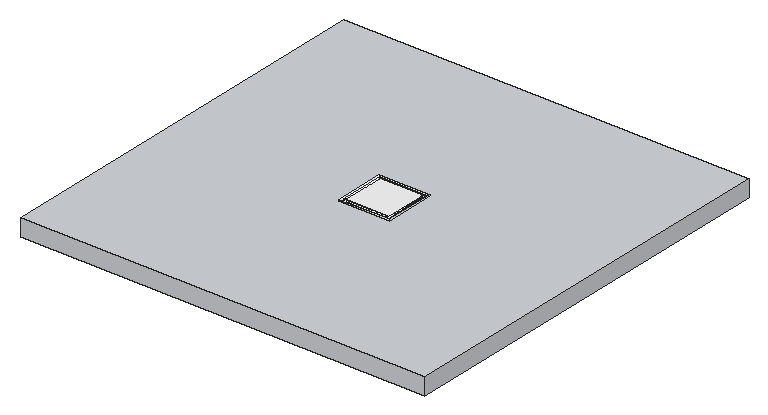
Revit family
Parameters (values of type "2"")
  WFU = 0
  URL = "WWW.MIFAB.COM"
  Pipe Radius = Pipe Diameter / 2  # 1.000"
  Pipe Diameter = 2.000"
  Model = "FS1732-FL"
  Manufacturer = "MIFAB"  # constant formula
  Grate Width = 12.000"
  Grate Length = 12.000"
  Floor Sink Material = Coated – Acid Resistant – Porcelain Enamel - White
  Flange Length = 14.400"
  Description = "12x 12 x 8 DEEP FLOOR SINK WITH FLANGE"  # constant formula
  Default Elevation = 0.000"
  Body Height = 9.300"
Types (4): name | Pipe Radius | Pipe Diameter | Model
  (no name) | 1.000" | 2.000" | "FS1732-FL"
  2" | 1.000" | 2.000" | "FS1732-FL"
  4" | 2.000" | 4.000" | "FS1734-FL"
  3" | 1.500" | 3.000" | "FS1733-FL"
Reference planes
  plane 1 "Center (Front/Back)": y = 0
  plane 2: z = 0
  plane 3 "Center (Left/Right)": x = 0
  plane 4: z = -228.6
  plane 5: x = -113.898
  plane 6: x = -152.4
  plane 7: x = 152.4
  plane 8: z = 7.62
  plane 9: y = 152.4
  plane 10: y = -152.4
  plane 11: x = -79.369
  plane 12: x = 79.369
  plane 13: x = -135.89
  plane 14: x = 135.89
  plane 15: y = 135.89
  plane 16: y = -135.89
  plane 17: x = -25.4
  plane 18: x = 25.4
  plane 19: x = -182.88
  plane 20: x = 182.88
  plane 21: y = 182.88
  plane 22: y = -182.88
  plane 23: z = -43.18
  plane 24: z = -195.58
  plane 25: z = -203.2
  plane 26: z = -81.28
Forms (mm)
  Extrusion 1, solid
    sketch origin (0, 0, 0) x (1, 0, 0) y (0, 1, 0)
      loop
        line (-1219.2, 1219.2) -> (-1219.2, -1219.2) -> (1219.2, -1219.2) -> (1219.2, 1219.2) -> (-1219.2, 1219.2)
    from 0 to -101.6
  Extrusion 2, solid, material "Coated – Acid Resistant – Porcelain Enamel - White" <- "Floor Sink Material"
    sketch origin (0, 0, 0) x (1, 0, 0) y (0, 1, 0)
      loop
        line (-146.05, 146.05) -> (-146.05, -146.05) -> (146.05, -146.05) -> (146.05, 146.05) -> (-146.05, 146.05)
    from 0 to 7.62
  Sweep 3, solid, material "Coated – Acid Resistant – Porcelain Enamel - White" <- "Floor Sink Material"
    path origin (0, 0, 0) x (1, 0, 0) y (0, 1, 0)
      loop
        line (-152.4, 152.4) -> (-152.4, -152.4) -> (152.4, -152.4) -> (152.4, 152.4) -> (-152.4, 152.4)
    profile origin (-152.4, 0, 0) x (1, 0, 0) y (0, 0, 1)
      loop
        line (0, 7.62) -> (0, 0) -> (17.78, 0)
        arc (17.78, 0) -> (26.76, -3.72) -> (30.48, -12.7) r 12.7
        line (30.48, -12.7) -> (30.48, -190.5)
        arc (30.48, -190.5) -> (33.772, -199.031) -> (41.91, -203.2) r 12.823
        line (41.91, -203.2) -> (92.715, -203.2) -> (92.715, -195.58) -> (43.18, -195.58)
        arc (43.18, -195.58) -> (39.588, -194.092) -> (38.1, -190.5) r 5.08
        line (38.1, -190.5) -> (38.1, -12.7)
        arc (38.1, -12.7) -> (32.148, 1.668) -> (17.78, 7.62) r 20.32
        line (17.78, 7.62) -> (0, 7.62)
  Revolve 4, solid, material "Coated – Acid Resistant – Porcelain Enamel - White" <- "Floor Sink Material"
    sketch origin (0, 0, 0) x (1, 0, 0) y (0, 0, 1)
      loop
        line (-30.48, -206.248) -> (-30.48, -228.6) -> (-25.4, -228.6) -> (-25.4, -200.66)
        arc (-25.4, -200.66) -> (-26.888, -197.068) -> (-30.48, -195.58) r 5.08
        line (-30.48, -195.58) -> (-59.685, -195.58)
        arc (-59.685, -195.58) -> (-41.317, -155.021) -> (0, -138.43) r 59.741
        line (0, -138.43) -> (0, -132.08)
        arc (0, -132.08) -> (-45.808, -150.53) -> (-66.04, -195.58) r 66.091
        line (-66.04, -195.58) -> (-99.212, -195.58) -> (-99.212, -203.2) -> (-33.528, -203.2)
        arc (-33.528, -203.2) -> (-31.373, -204.093) -> (-30.48, -206.248) r 3.048
      axis (0, -132.08) -> (0, -228.6)
    angle from 0 to 360
  Extrusion 5, void
    sketch origin (25.4, 0, 0) x (1, 0, 0) y (0, 1, 0)
      loop
        arc (-78.216, 1.966) -> (-80.182, 0) -> (-78.216, -1.966) r 1.966
        line (-78.216, -1.966) -> (-42.1, -1.966)
        arc (-42.1, -1.966) -> (-40.134, 0) -> (-42.1, 1.966) r 1.966
        line (-42.1, 1.966) -> (-78.216, 1.966)
    from -182.578 to -120.65
  Extrusion 6, void
    sketch origin (20.549, -14.93, 0) x (0.809017, -0.587785, 0) y (0.587785, 0.809017, 0)
      loop
        arc (-78.216, 1.966) -> (-80.182, 0) -> (-78.216, -1.966) r 1.966
        line (-78.216, -1.966) -> (-42.1, -1.966)
        arc (-42.1, -1.966) -> (-40.134, 0) -> (-42.1, 1.966) r 1.966
        line (-42.1, 1.966) -> (-78.216, 1.966)
    from -182.578 to -120.65
  Extrusion 7, void
    sketch origin (20.549, 14.93, 0) x (0.809017, 0.587785, 0) y (-0.587785, 0.809017, 0)
      loop
        arc (-78.216, 1.966) -> (-80.182, 0) -> (-78.216, -1.966) r 1.966
        line (-78.216, -1.966) -> (-42.1, -1.966)
        arc (-42.1, -1.966) -> (-40.134, 0) -> (-42.1, 1.966) r 1.966
        line (-42.1, 1.966) -> (-78.216, 1.966)
    from -182.578 to -120.65
  Extrusion 8, void
    sketch origin (7.849, 24.157, 0) x (0.309017, 0.951057, 0) y (-0.951057, 0.309017, 0)
      loop
        arc (-78.216, 1.966) -> (-80.182, 0) -> (-78.216, -1.966) r 1.966
        line (-78.216, -1.966) -> (-42.1, -1.966)
        arc (-42.1, -1.966) -> (-40.134, 0) -> (-42.1, 1.966) r 1.966
        line (-42.1, 1.966) -> (-78.216, 1.966)
    from -182.578 to -120.65
  Extrusion 9, void
    sketch origin (-7.849, 24.157, 0) x (-0.309017, 0.951057, 0) y (-0.951057, -0.309017, 0)
      loop
        arc (-78.216, 1.966) -> (-80.182, 0) -> (-78.216, -1.966) r 1.966
        line (-78.216, -1.966) -> (-42.1, -1.966)
        arc (-42.1, -1.966) -> (-40.134, 0) -> (-42.1, 1.966) r 1.966
        line (-42.1, 1.966) -> (-78.216, 1.966)
    from -182.578 to -120.65
  Extrusion 10, void
    sketch origin (-20.549, 14.93, 0) x (-0.809017, 0.587785, 0) y (-0.587785, -0.809017, 0)
      loop
        arc (-78.216, 1.966) -> (-80.182, 0) -> (-78.216, -1.966) r 1.966
        line (-78.216, -1.966) -> (-42.1, -1.966)
        arc (-42.1, -1.966) -> (-40.134, 0) -> (-42.1, 1.966) r 1.966
        line (-42.1, 1.966) -> (-78.216, 1.966)
    from -182.578 to -120.65
  Extrusion 11, void
    sketch origin (-25.4, 0, 0) x (-1, 0, 0) y (0, -1, 0)
      loop
        arc (-78.216, 1.966) -> (-80.182, 0) -> (-78.216, -1.966) r 1.966
        line (-78.216, -1.966) -> (-42.1, -1.966)
        arc (-42.1, -1.966) -> (-40.134, 0) -> (-42.1, 1.966) r 1.966
        line (-42.1, 1.966) -> (-78.216, 1.966)
    from -182.578 to -120.65
  Extrusion 12, void
    sketch origin (-20.549, -14.93, 0) x (-0.809017, -0.587785, 0) y (0.587785, -0.809017, 0)
      loop
        arc (-78.216, 1.966) -> (-80.182, 0) -> (-78.216, -1.966) r 1.966
        line (-78.216, -1.966) -> (-42.1, -1.966)
        arc (-42.1, -1.966) -> (-40.134, 0) -> (-42.1, 1.966) r 1.966
        line (-42.1, 1.966) -> (-78.216, 1.966)
    from -182.578 to -120.65
  Extrusion 13, void
    sketch origin (-7.849, -24.157, 0) x (-0.309017, -0.951057, 0) y (0.951057, -0.309017, 0)
      loop
        arc (-78.216, 1.966) -> (-80.182, 0) -> (-78.216, -1.966) r 1.966
        line (-78.216, -1.966) -> (-42.1, -1.966)
        arc (-42.1, -1.966) -> (-40.134, 0) -> (-42.1, 1.966) r 1.966
        line (-42.1, 1.966) -> (-78.216, 1.966)
    from -182.578 to -120.65
  Extrusion 14, void
    sketch origin (7.849, -24.157, 0) x (0.309017, -0.951057, 0) y (0.951057, 0.309017, 0)
      loop
        arc (-78.216, 1.966) -> (-80.182, 0) -> (-78.216, -1.966) r 1.966
        line (-78.216, -1.966) -> (-42.1, -1.966)
        arc (-42.1, -1.966) -> (-40.134, 0) -> (-42.1, 1.966) r 1.966
        line (-42.1, 1.966) -> (-78.216, 1.966)
    from -182.578 to -120.65
  Extrusion 15, void
    sketch origin (0, 0, 0) x (1, 0, 0) y (0, 1, 0)
      loop
        circle (0, 0) r 7.616
    from -182.578 to -120.65
  Extrusion 16, solid, material "Coated – Acid Resistant – Porcelain Enamel - White" <- "Floor Sink Material"
    sketch origin (-128.27, -4572, -43.18) x (-1, 0, 0) y (0, -1, 0)
      loop
        arc (41.91, -4754.88) -> (50.89, -4751.16) -> (54.61, -4742.18) r 12.7
        line (54.61, -4742.18) -> (54.61, -4401.82)
        arc (54.61, -4401.82) -> (50.89, -4392.84) -> (41.91, -4389.12) r 12.7
        line (41.91, -4389.12) -> (-298.45, -4389.12)
        arc (-298.45, -4389.12) -> (-307.43, -4392.84) -> (-311.15, -4401.82) r 12.7
        line (-311.15, -4401.82) -> (-311.15, -4742.18)
        arc (-311.15, -4742.18) -> (-307.43, -4751.16) -> (-298.45, -4754.88) r 12.7
        line (-298.45, -4754.88) -> (41.91, -4754.88)
      loop
        line (-6.35, -4693.92) -> (-6.35, -4450.08) -> (-250.19, -4450.08) -> (-250.19, -4693.92) -> (-6.35, -4693.92)
    from 0 to -7.62
Cuts and joins
  Extrusion 6, Extrusion 7, Extrusion 8, Extrusion 9, Extrusion 10, Extrusion 11, Extrusion 12, Extrusion 13, Extrusion 14 cuts Sweep 3
  Extrusion 5, Extrusion 6, Extrusion 7, Extrusion 8, Extrusion 9, Extrusion 10, Extrusion 11, Extrusion 12, Extrusion 13, Extrusion 14, Extrusion 15 cuts Revolve 4
  joined: Sweep 3, Revolve 4, Extrusion 16
Lines and regions (mm)
  symbolic lines
    curve 1: line (-152.4, 152.4, 0) -> (152.4, 152.4, 0)
    curve 2: line (-152.4, -152.4, 0) -> (-152.4, 152.4, 0)
    curve 3: line (152.4, -152.4, 0) -> (-152.4, -152.4, 0)
    curve 4: line (152.4, 152.4, 0) -> (152.4, -152.4, 0)
    curve 5: circle (0, 0, 0) r 66.04 normal (0, 0, 1)
Dimensions and locks
  equal spacing: plane 9, plane 1 "Center (Front/Back)", plane 10
  equal spacing: plane 6, plane 3 "Center (Left/Right)", plane 7
  "Grate Length": plane 9 to plane 10
  "Grate Width": plane 6 to plane 7
  "Body Height": plane 8 to plane 4
  locked: plane 9 to plane 15 at 16.51
  locked: plane 10 to plane 16 at 16.51
  locked: plane 6 to plane 13 at 16.51
  locked: plane 14 to plane 7 at 16.51
  equal spacing: plane 18, plane 3 "Center (Left/Right)", plane 17
  "Pipe Diameter": plane 18 to plane 17
  locked: Revolve 4 sketch curve to plane 11 at 19.684
  locked: Revolve 4 sketch curve to plane 11 at 13.329
  locked: plane 17 to Revolve 4 sketch curve at 5.08
  equal spacing: plane 21, plane 1 "Center (Front/Back)", plane 22
  "Flange Length": plane 22 to plane 21
  equal spacing: plane 19, plane 3 "Center (Left/Right)", plane 20
  "Flange Length": plane 19 to plane 20
  locked: Extrusion 16 sketch curve to plane 20 at 12.7  (x2)
  locked: plane 21 to Extrusion 16 sketch curve at 12.7  (x2)
  locked: plane 22 to Extrusion 16 sketch curve at 12.7  (x2)
  locked: plane 19 to Extrusion 16 sketch curve at 12.7  (x2)
  locked: plane 8 to plane 23 at 50.8
  locked: plane 8 to plane 2 at 7.62
  locked: Revolve 4 sketch curve to plane 24 at 63.5
  locked: Revolve 4 sketch curve to plane 24 at 57.15
  locked: plane 24 to plane 25 at 7.62
  plane 8 to plane 24 = 8.000"
  locked: plane 8 to plane 26 at 88.9
  aligned and locked: plane 2 to Extrusion 1
  aligned and locked: level to Extrusion 1
  aligned and locked: plane 8 to Extrusion 2
  aligned and locked: Sweep 3 sketch curve to plane 6  (x2)
  aligned and locked: Sweep 3 sketch curve to plane 9
  aligned and locked: plane 7 to Sweep 3 sketch curve
  aligned and locked: plane 10 to Sweep 3 sketch curve
  aligned and locked: Revolve 4 sketch curve to plane 4
  aligned and locked: Revolve 4 sketch curve to plane 3 "Center (Left/Right)"  (x2)
  aligned and locked: Revolve 4 sketch curve to plane 17
  aligned and locked: plane 1 "Center (Front/Back)" to Extrusion 15 sketch curve
  aligned and locked: plane 3 "Center (Left/Right)" to Extrusion 15 sketch curve
  aligned and locked: Extrusion 16 sketch curve to plane 21
  aligned and locked: Extrusion 16 sketch curve to plane 19
  aligned and locked: plane 22 to Extrusion 16 sketch curve
  aligned and locked: plane 20 to Extrusion 16 sketch curve
  aligned and locked: plane 24 to Revolve 4 sketch curve  (x2)
  aligned and locked: Sweep 3 sketch curve to plane 8
  aligned and locked: Sweep 3 sketch curve to plane 24
  aligned and locked: Sweep 3 sketch curve to plane 25
  aligned and locked: plane 25 to Revolve 4 sketch curve
  aligned and locked: Extrusion 16 sketch curve to cut or joined group of Sweep 3, Revolve 4, Extrusion 5, Extrusion 6, Extrusion 7, Extrusion 8, Extrusion 9, Extrusion 10, Extrusion 11, Extrusion 12, Extrusion 13, Extrusion 14, Extrusion 15, Extrusion 16  (x4)
Automatic sketch dimensions
  Extrusion 1 sketch curve to Extrusion 1 sketch curve = 96.000"  (x2)
  plane 6 to Extrusion 2 sketch curve = 0.250"
  plane 7 to Extrusion 2 sketch curve = 0.250"
  Extrusion 2 sketch curve to plane 10 = 0.250"
  Extrusion 2 sketch curve to plane 9 = 0.250"
  Revolve 4 sketch curve to Revolve 4 sketch curve = 0.120"
  Revolve 4 sketch curve to plane 4 = 17.050"
  plane 8 to Revolve 4 sketch curve = 102.46882"
  Extrusion 5 sketch curve to Extrusion 5 sketch curve = 1.42187"
  Extrusion 5 sketch curve to Extrusion 5 sketch curve = 0.0774"
  Extrusion 6 sketch curve to Extrusion 6 sketch curve = 1.42187"
  Extrusion 6 sketch curve to Extrusion 6 sketch curve = 0.0774"
  Extrusion 7 sketch curve to Extrusion 7 sketch curve = 1.42187"
  Extrusion 7 sketch curve to Extrusion 7 sketch curve = 0.0774"
  Extrusion 8 sketch curve to Extrusion 8 sketch curve = 1.42187"
  Extrusion 8 sketch curve to Extrusion 8 sketch curve = 0.0774"
  Extrusion 9 sketch curve to Extrusion 9 sketch curve = 1.42187"
  Extrusion 9 sketch curve to Extrusion 9 sketch curve = 0.0774"
  Extrusion 10 sketch curve to Extrusion 10 sketch curve = 1.42187"
  Extrusion 10 sketch curve to Extrusion 10 sketch curve = 0.0774"
  Extrusion 11 sketch curve to Extrusion 11 sketch curve = 1.42187"
  Extrusion 11 sketch curve to Extrusion 11 sketch curve = 0.0774"
  Extrusion 12 sketch curve to Extrusion 12 sketch curve = 1.42187"
  Extrusion 12 sketch curve to Extrusion 12 sketch curve = 0.0774"
  Extrusion 13 sketch curve to Extrusion 13 sketch curve = 1.42187"
  Extrusion 13 sketch curve to Extrusion 13 sketch curve = 0.0774"
  Extrusion 14 sketch curve to Extrusion 14 sketch curve = 1.42187"
  Extrusion 14 sketch curve to Extrusion 14 sketch curve = 0.0774"
  Sweep 3 sketch curve to Sweep 3 sketch curve = 0.000"  (x3)
  Sweep 3 sketch curve to Sweep 3 sketch curve = 0.700"
  Sweep 3 sketch curve to profile plane = 1.200"
  Sweep 3 sketch curve to Sweep 3 sketch curve = 0.300"
  Sweep 3 sketch curve to Sweep 3 sketch curve = 0.150"
  Sweep 3 sketch curve to Sweep 3 sketch curve = 0.200"
  Sweep 3 sketch curve to Sweep 3 sketch curve = 0.00486"
  Sweep 3 sketch curve to Sweep 3 sketch curve = 1.95021"
  plane 25 to Revolve 4 sketch curve = 0.120"
  Revolve 4 sketch curve to plane 11 = 0.78125"
  curve 3 to plane 6 = 0.000"
  plane 1 "Center (Front/Back)" to curve 5 = 0.000"
  curve 5 to plane 3 "Center (Left/Right)" = 0.000"
  curve 4 to plane 7 = 0.000"
  plane 10 to curve 4 = 0.000"
  curve 4 to plane 9 = 0.000"
  radius of Extrusion 15 sketch curve = 0.29982"
  radius of curve 5 = 2.600"
Connectors
  piping at (0, 0, -228.6), driven by "Pipe Radius", driven by "WFU"
    settings: on Revolve 4, index 1, connector radius 1", flow factor 0, pipe flow 0 GPM, pressure drop 0.00 psi, fitting loss kfactor 0, connector angle 0.00°, fixture units 0, flow configuration 3, flow direction 2, fitting loss method 0, system type 16, connector reference index -1, connector utility 0, adjustable connector no, is connector primary yes, fitting loss table "", connector description "Sanitary Out"
